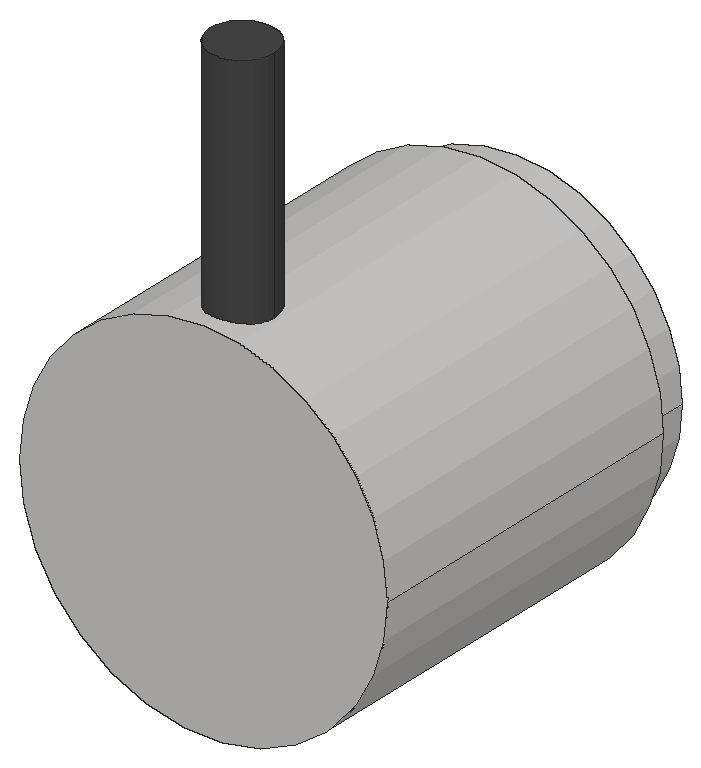
Revit family "NR19", category Generic Models, Revit 2012
Parameters (values of type "Standard")
  e-mail = "info@vola.com"
  URL = "http://vola.com"
  Telephone = "+45 7023 5500"
  Quality management standard = "ISO 9001"
  Organisation no. / DUNS no. = "17531328"
  Occupational health and safety management standard = "ISO 18001"
  Mounting Instructions = "http://vola.com/service/producturl.ashx?name=NR19"
  Model = "NR19"
  Materials and components information = "http://vola.com/service/producturl.ashx?name=NR19"
  Manufacturer = "VOLA A/S"
  Maintenance Instructions = "http://vola.com/service/producturl.ashx?name=NR19"
  Guarantee = "2 years"
  Environmental management standard = "ISO 14000"
  Connection - All relevant connections = ""
  Approvals = "http://vola.com/service/producturl.ashx?name=NR19"
Reference planes
  plane 1 "Center (Front/Back)": y = 0
  plane 2: z = 0
  plane 3 "Center (Left/Right)": x = 0
Forms (mm)
  Extrusion 1, solid, material "Stainless Steel"
    sketch origin (0, 0, 0) x (1, 0, 0) y (0, 0, 1)
      loop
        circle (0, 0) r 20
    from 5 to 42.5
  Extrusion 2, solid, material "Black Coating"
    sketch origin (0, -2.75, 0) x (0, -1, 0) y (1, 0, 0)
      loop
        circle (34.5, 0) r 3.5
    from 19 to 45.5
  Extrusion 3, solid, material "Stainless Steel"
    sketch origin (0, 0, 0) x (1, 0, 0) y (0, 0, 1)
      loop
        circle (0, 0) r 18
    from 0 to 5
  Extrusion 4, void
    sketch origin (0, -42.5, 0) x (-1, 0, 0) y (0, 0, 1)
      loop
        line (-20, 0) -> (20, 0)
        arc (20, 0) -> (0, 20) -> (-20, 0) r 20
    from 0 to 10
Cuts and joins
  Extrusion 4 cuts Extrusion 2
Dimensions and locks
  aligned and locked: plane 2 to level
